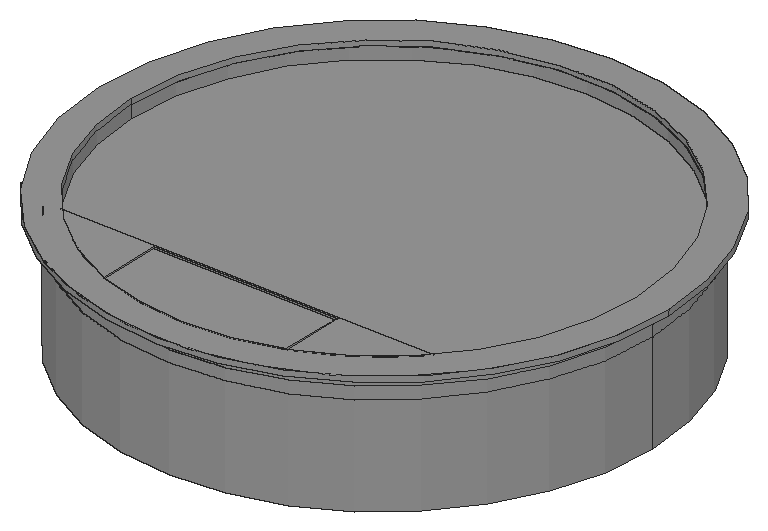
Revit family "Geräteeinsätze GES_Geräteeinsatz_GESRA9-10_mit_Griffbügel", category Generic Models, Revit 2015
Parameters (values of type "GESRA9 10U")
  URL = "http://www.obo-bettermann.com"
  Snur width = 111 mm
  Outer Diameter Dimension = 323 mm
  Material = Aluminum 6061
  Manufacturer Art. No. = "7405580"
  Manufacturer = "OBO Bettermann"
  Inner cut2 = 209 mm
  Inner cut 3 = 231.5 mm
  Inner cut = 287.2 mm
  Height = 71 mm
  GTIN = "4012195104445"
  Diameter dimesion = 305 mm
  Bodenbelagdicke = 10 mm
  Article Type = "GESRA9 10U"
Reference planes
  plane 1 "Center (Front/Back)": y = 0
  plane 2: z = 0
  plane 3 "Center (Left/Right)": x = 0
  plane 4: z = -71
  plane 5: z = 3
  plane 6: z = -7
  plane 7: x = 115.75
  plane 8: x = -115.75
  plane 9: y = -104.5
  plane 10: y = 104.5
  plane 11: y = -87.945
  plane 12: y = 87.945
  plane 13: x = -97.514
  plane 14: x = 97.514
  plane 15: z = -14
  plane 16: y = -97
  plane 17: x = -52.3
  plane 18: x = 52.3
  plane 19: y = -98.5
  plane 20: y = -99.5
  plane 21: x = -51.3
  plane 22: x = 51.3
  plane 23: y = -99.5
Forms (mm)
  Extrusion 1, solid, material "Aluminum 6061" <- "Material"
    sketch origin (0, 0, 0) x (1, 0, 0) y (0, 1, 0)
      loop
        circle (0, 0) r 161.5
    from 0 to 3
  Extrusion 2, void
    sketch origin (0, 0, 0) x (1, 0, 0) y (0, 1, 0)
      loop
        circle (0, 0) r 143.6
    from -7 to 3
  Extrusion 3, solid, material "Aluminum 6061" <- "Material"
    sketch origin (0, 0, 0) x (1, 0, 0) y (0, 1, 0)
      loop
        circle (0, 0) r 152.5
      loop
        circle (0, 0) r 143.6
    from -7 to 0
  Extrusion 4, solid, material "Aluminum 6061" <- "Material"
    sketch origin (0, 0, 0) x (1, 0, 0) y (0, 1, 0)
      loop
        circle (0, 0) r 152.5
    from -14 to -7
  Extrusion 5, solid, material "Aluminum 6061" <- "Material"
    sketch origin (0, 0, 0) x (1, 0, 0) y (0, 1, 0)
      loop
        circle (0, 0) r 152.5
      loop
        line (97.514, -104.5) -> (115.75, -87.945) -> (115.75, 0) -> (115.75, 87.945) -> (97.514, 104.5) -> (-97.514, 104.5) -> (-115.75, 87.945) -> (-115.75, -87.945) -> (-97.514, -104.5) -> (97.514, -104.5)
    from -71 to -14
  Extrusion 6, solid, material "Aluminum 6061" <- "Material"
    sketch origin (0, 0, 0) x (1, 0, 0) y (0, 1, 0)
      loop
        arc (-105.887, -97) -> (0, -143.6) -> (105.887, -97) r 143.6
        line (105.887, -97) -> (-105.887, -97)
    from -7 to 3
  Extrusion 7, void
    sketch origin (0, 0, 0) x (1, 0, 0) y (0, 1, 0)
      loop
        line (52.3, -98.5) -> (-52.3, -98.5) -> (-52.3, -133.737)
        arc (-52.3, -133.737) -> (-51.8, -133.932) -> (-51.3, -134.124) r 143.6
        line (-51.3, -134.124) -> (-51.3, -99.5) -> (51.3, -99.5) -> (51.3, -134.124)
        arc (51.3, -134.124) -> (51.8, -133.932) -> (52.3, -133.737) r 143.6
        line (52.3, -133.737) -> (52.3, -98.5)
    from -7 to 3
Cuts and joins
  Extrusion 2, Extrusion 7 cuts Extrusion 1
  Extrusion 7 cuts Extrusion 6
Lines and regions (mm)
  model lines
    curve 1: line (0, -82.75, -71) -> (0, -82.75, -61)
    curve 2: line (0, 82.75, -61) -> (0, 82.75, -71)
    curve 3: line (0, 82.75, -71) -> (0, 82.75, -61)
    curve 5: circle (0, 0, 0) r 161.5 normal (0, 0, 1)
    curve 7: circle (0, 0, 0) r 152.5 normal (0, 0, 1)
    curve 9: circle (0, 0, 0) r 143.6 normal (0, 0, 1)
    curve 10: line (115.75, 0, 0) -> (115.75, -87.945, 0)
    curve 11: line (97.514, -104.5, 0) -> (-97.514, -104.5, 0)
    curve 12: line (-115.75, -87.945, 0) -> (-115.75, 87.945, 0)
    curve 13: line (-97.514, 104.5, 0) -> (97.514, 104.5, 0)
    curve 14: line (-115.75, 87.945, 0) -> (-97.514, 104.5, 0)
    curve 15: line (115.75, 87.945, 0) -> (115.75, 0, 0)
    curve 16: line (115.75, 87.945, 0) -> (97.514, 104.5, 0)
    curve 17: line (-115.75, -87.945, 0) -> (-97.514, -104.5, 0)
    curve 18: line (115.75, -87.945, 0) -> (97.514, -104.5, 0)
    curve 19: line (-52.3, -98.5, 0) -> (-52.3, -133.737, 0)
    curve 20: line (52.3, -133.737, 0) -> (52.3, -98.5, 0)
    curve 21: line (52.3, -98.5, 0) -> (-52.3, -98.5, 0)
    curve 22: line (-51.3, -99.5, 0) -> (-51.3, -134.124, 0)
    curve 23: line (51.3, -134.124, 0) -> (51.3, -99.5, 0)
    curve 24: line (51.3, -99.5, 0) -> (-51.3, -99.5, 0)
    curve 25: line (-105.887, -97, 0) -> (105.887, -97, 0)
    curve 26: arc (-105.887, -97, 0) -> (0, -143.6, 0) -> (105.887, -97, 0) r 143.6
    curve 27: arc (-52.3, -133.737, 0) -> (-51.8, -133.932, 0) -> (-51.3, -134.124, 0) r 143.6
    curve 28: arc (52.3, -133.737, 0) -> (51.8, -133.932, 0) -> (51.3, -134.124, 0) r 143.6
  reference lines
    curve 4: circle (0, 0, 0) r 161.5 normal (0, 0, 1)
    curve 6: circle (0, 0, 0) r 152.5 normal (0, 0, 1)
    curve 8: circle (0, 0, 0) r 143.6 normal (0, 0, 1)
Dimensions and locks
  "Height": plane 4 to level
  locked: level to plane 5 at 3
  "Bodenbelagdicke": plane 6 to plane 5
  equal spacing: plane 10, plane 1 "Center (Front/Back)", plane 9
  "Inner cut2": plane 10 to plane 9
  equal spacing: plane 8, plane 3 "Center (Left/Right)", plane 7
  "Inner cut 3": plane 8 to plane 7
  locked: plane 10 to plane 12 at 16.555
  locked: plane 11 to plane 9 at 16.555
  locked: plane 8 to plane 13 at 18.236
  locked: plane 14 to plane 7 at 18.236
  locked: plane 15 to plane 6 at 7
  locked: plane 17 to plane 21 at 1
  locked: plane 22 to plane 18 at 1
  locked: plane 19 to plane 20 at 1
  locked: plane 1 "Center (Front/Back)" to plane 16 at 97
  equal spacing: plane 17, plane 3 "Center (Left/Right)", plane 18
  locked: plane 17 to plane 18 at 104.6
  plane 16 to plane 23 = 2.5 mm
  "Outer Diameter Dimension": diameter of curve 4
  "Diameter dimesion": diameter of curve 6
  "Inner cut": diameter of curve 8
  aligned and locked: level to plane 2
  aligned and locked: curve 5 to curve 4
  aligned and locked: Extrusion 1 sketch curve to curve 5
  aligned and locked: Extrusion 1 to level
  aligned and locked: plane 5 to Extrusion 1
  aligned and locked: curve 7 to curve 6
  aligned and locked: curve 9 to curve 8
  aligned and locked: Extrusion 2 sketch curve to curve 9
  aligned and locked: Extrusion 2 to plane 6
  aligned and locked: plane 5 to Extrusion 2
  aligned and locked: curve 10 to plane 7
  aligned and locked: plane 9 to curve 11
  aligned and locked: plane 8 to curve 12
  aligned and locked: curve 13 to plane 10
  aligned and locked: Extrusion 3 sketch curve to curve 7
  aligned and locked: Extrusion 3 sketch curve to cut or joined group of Extrusion 1, Extrusion 2, Extrusion 7  (x2)
  aligned and locked: level to Extrusion 3
  aligned and locked: Extrusion 3 to plane 6
  aligned and locked: Extrusion 4 sketch curve to Extrusion 3  (x2)
  aligned and locked: plane 6 to Extrusion 4
  aligned and locked: Extrusion 4 to plane 15
  aligned and locked: Extrusion 5 sketch curve to Extrusion 3  (x2)
  aligned and locked: Extrusion 5 sketch curve to curve 11
  aligned and locked: Extrusion 5 sketch curve to curve 18
  aligned and locked: Extrusion 5 sketch curve to curve 10
  aligned and locked: Extrusion 5 sketch curve to curve 15
  aligned and locked: Extrusion 5 sketch curve to curve 16
  aligned and locked: Extrusion 5 sketch curve to curve 13
  aligned and locked: Extrusion 5 sketch curve to curve 14
  aligned and locked: Extrusion 5 sketch curve to curve 12
  aligned and locked: Extrusion 5 sketch curve to curve 17
  aligned and locked: Extrusion 5 to plane 4
  aligned and locked: Extrusion 5 to plane 15
  aligned and locked: curve 19 to plane 17
  aligned and locked: curve 20 to plane 18
  aligned and locked: curve 21 to plane 19
  aligned and locked: curve 22 to plane 21
  aligned and locked: curve 23 to plane 22
  aligned and locked: curve 25 to plane 16
  aligned and locked: Extrusion 6 sketch curve to curve 25
  aligned and locked: Extrusion 6 sketch curve to curve 26
  aligned and locked: plane 5 to Extrusion 6
  aligned and locked: curve 24 to plane 20
  aligned and locked: plane 23 to plane 20
  aligned and locked: Extrusion 7 sketch curve to curve 21
  aligned and locked: Extrusion 7 sketch curve to curve 24
  aligned and locked: Extrusion 7 sketch curve to curve 23
  aligned and locked: Extrusion 7 sketch curve to curve 20
  aligned and locked: Extrusion 7 sketch curve to curve 28
  aligned and locked: Extrusion 7 sketch curve to curve 22
  aligned and locked: Extrusion 7 sketch curve to curve 19
  aligned and locked: Extrusion 7 sketch curve to curve 27
  aligned and locked: Extrusion 7 to plane 6
  aligned and locked: plane 5 to Extrusion 7
  aligned and locked: Extrusion 6 to plane 6
Automatic sketch dimensions
  curve 2 to plane 4 = 0 mm
  curve 1 to plane 4 = 0 mm
  plane 1 "Center (Front/Back)" to curve 1 = 82.75 mm
  curve 2 to plane 1 "Center (Front/Back)" = 82.75 mm
  curve 2 to curve 2 = 10 mm
  curve 1 to curve 1 = 10 mm
  curve 4 to curve 8 = 0 mm  (x2)
  curve 6 to curve 8 = 0 mm  (x2)
  plane 1 "Center (Front/Back)" to curve 6 = 0 mm
  curve 6 to plane 3 "Center (Left/Right)" = 0 mm
  plane 11 to Extrusion 5 sketch curve = 0 mm
  Extrusion 5 sketch curve to plane 14 = 0 mm
  plane 1 "Center (Front/Back)" to Extrusion 5 sketch curve = 0 mm
  curve 5 to curve 26 = 0 mm  (x2)
  curve 5 to curve 27 = 0 mm  (x2)
  curve 5 to curve 28 = 0 mm  (x2)
  curve 26 to plane 16 = 0 mm
  curve 11 to plane 13 = 0 mm
  curve 13 to plane 13 = 0 mm
  curve 27 to plane 17 = 0 mm
  curve 28 to plane 18 = 0 mm
  curve 16 to plane 14 = 0 mm
  curve 18 to plane 14 = 0 mm
  plane 16 to curve 26 = 0 mm
  curve 17 to plane 11 = 0 mm
  curve 10 to plane 11 = 0 mm
  plane 1 "Center (Front/Back)" to curve 15 = 0 mm
  plane 12 to curve 16 = 0 mm
  curve 14 to plane 12 = 0 mm
  curve 26 to curve 25 = 0 mm
  curve 27 to curve 22 = 0 mm
  curve 28 to curve 23 = 0 mm
